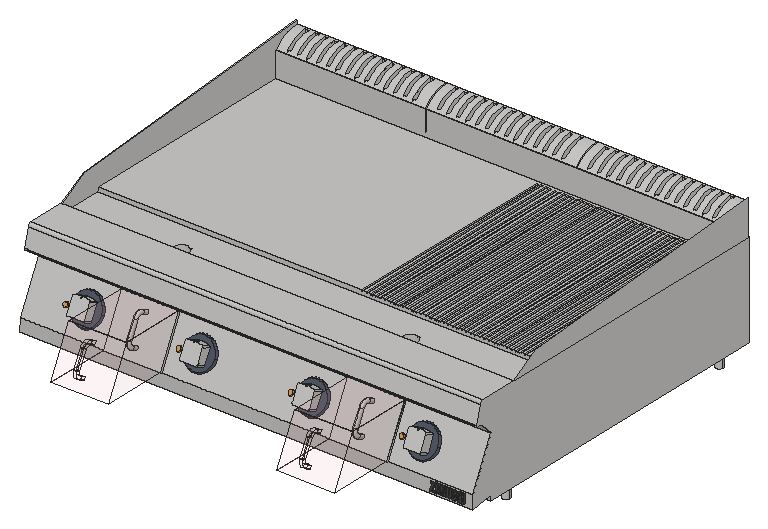
Revit family "QF_ZANUSSI_392405_Z9IIMDAOMIA", category Specialty Equipment, Revit 2018 (continued)
Automatic sketch dimensions
  Extrusion 1 sketch curve to Extrusion 1 sketch curve = 27.08 mm
  Extrusion 1 sketch curve to Extrusion 1 sketch curve = 35 mm
  Extrusion 1 sketch curve to Extrusion 1 sketch curve = 10.259 mm
  Extrusion 1 sketch curve to plane 15 = 6.474 mm
  Extrusion 2 sketch curve to plane 13 = 0 mm  (x2)
  Extrusion 2 sketch curve to plane 14 = 0 mm  (x2)
  Extrusion 2 sketch curve to plane 5 "FRONT" = 125 mm  (x2)
  plane 1 "BACK" to Extrusion 2 sketch curve = 82 mm  (x2)
  Extrusion 7 sketch curve to plane 15 = 21.588 mm
  Extrusion 7 sketch curve to plane 5 "FRONT" = 255 mm
  plane 1 "BACK" to Extrusion 7 sketch curve = 71.438 mm
  Extrusion 7 sketch curve to Extrusion 7 sketch curve = 11.294 mm
  plane 14 to Extrusion 8 sketch curve = 290.6 mm
  Extrusion 8 sketch curve to plane 5 "FRONT" = 171.264 mm
  Extrusion 9 sketch curve to plane 15 = 0 mm
  Extrusion 9 sketch curve to plane 1 "BACK" = 0 mm
  Extrusion 9 sketch curve to plane 16 = 0 mm
  plane 15 to Extrusion 9 sketch curve = 42.5 mm
  Extrusion 9 sketch curve to plane 5 "FRONT" = 211.073 mm
  Extrusion 9 sketch curve to Extrusion 9 sketch curve = 73.612 mm
  Extrusion 10 sketch curve to plane 15 = 0 mm
  Extrusion 10 sketch curve to plane 1 "BACK" = 0 mm
  plane 1 "BACK" to Extrusion 10 sketch curve = 4.947 mm
  Extrusion 10 sketch curve to plane 16 = 39 mm
  plane 1 "BACK" to Extrusion 10 sketch curve = 69.85 mm
  plane 15 to Extrusion 10 sketch curve = 4.793 mm
  plane 1 "BACK" to Extrusion 11 sketch curve = 6.761 mm  (x14)
  Extrusion 11 sketch curve to Extrusion 11 sketch curve = 57.15 mm
  Extrusion 11 sketch curve to Extrusion 11 sketch curve = 0 mm  (x13)
  plane 13 to Extrusion 11 sketch curve = 18.703 mm
  Extrusion 11 sketch curve to Extrusion 11 sketch curve = 9.296 mm  (x14)
  Extrusion 11 sketch curve to Extrusion 11 sketch curve = 16.193 mm  (x13)
  Extrusion 12 sketch curve to plane 15 = 0 mm
  Extrusion 12 sketch curve to plane 1 "BACK" = 0 mm
  plane 1 "BACK" to Extrusion 12 sketch curve = 4.947 mm
  Extrusion 12 sketch curve to plane 16 = 39 mm
  plane 1 "BACK" to Extrusion 12 sketch curve = 69.85 mm
  Extrusion 12 sketch curve to plane 16 = 8.3 mm
  plane 1 "BACK" to Extrusion 13 sketch curve = 6.761 mm  (x14)
  Extrusion 13 sketch curve to plane 7 "Center Y" = 21.274 mm
  Extrusion 13 sketch curve to Extrusion 13 sketch curve = 57.15 mm
  plane 7 "Center Y" to Extrusion 13 sketch curve = 4.214 mm
  Extrusion 13 sketch curve to Extrusion 13 sketch curve = 0 mm  (x13)
  Extrusion 13 sketch curve to Extrusion 13 sketch curve = 16.193 mm  (x12)
  Extrusion 13 sketch curve to Extrusion 13 sketch curve = 9.296 mm  (x14)
  plane 13 to Blend 14 sketch curve = 144 mm  (x2)
  plane 13 to Extrusion 15 sketch curve = 121 mm
  Extrusion 15 sketch curve to Extrusion 15 sketch curve = 2.997 mm  (x3)
  Extrusion 15 sketch curve to Extrusion 15 sketch curve = 20.003 mm  (x2)
  Extrusion 15 sketch curve to Extrusion 15 sketch curve = 40.005 mm
  Extrusion 15 sketch curve to Extrusion 15 sketch curve = 5.399 mm
  Extrusion 15 sketch curve to Extrusion 15 sketch curve = 40.037 mm
  Extrusion 15 sketch curve to Extrusion 15 sketch curve = 0 mm  (x2)
  plane 13 to Extrusion 16 sketch curve = 126.5 mm
  Extrusion 16 sketch curve to Extrusion 16 sketch curve = 35 mm  (x2)
  Extrusion 17 sketch curve to plane 5 "FRONT" = 9.329 mm
  Extrusion 17 sketch curve to plane 15 = 112.016 mm
  Extrusion 17 sketch curve to Extrusion 17 sketch curve = 3 mm
  Extrusion 17 sketch curve to Extrusion 17 sketch curve = 0 mm
  Extrusion 17 sketch curve to Extrusion 17 sketch curve = 1 mm  (x2)
  Extrusion 17 sketch curve to Extrusion 17 sketch curve = 15 mm
  plane 13 to Extrusion 18 sketch curve = 88.999 mm
  plane 14 to Blend 19 sketch curve = 141.5 mm  (x2)
  plane 14 to Extrusion 20 sketch curve = 164.5 mm
  Extrusion 20 sketch curve to Extrusion 20 sketch curve = 2.997 mm  (x3)
  Extrusion 20 sketch curve to Extrusion 20 sketch curve = 20.003 mm  (x2)
  Extrusion 20 sketch curve to Extrusion 20 sketch curve = 40.005 mm
  Extrusion 20 sketch curve to Extrusion 20 sketch curve = 5.399 mm
  Extrusion 20 sketch curve to Extrusion 20 sketch curve = 40.037 mm
  Extrusion 20 sketch curve to Extrusion 20 sketch curve = 0 mm  (x2)
  plane 14 to Extrusion 21 sketch curve = 159 mm
  Extrusion 21 sketch curve to Extrusion 21 sketch curve = 35 mm  (x2)
  Extrusion 22 sketch curve to plane 5 "FRONT" = 9.329 mm
  Extrusion 22 sketch curve to plane 15 = 112.016 mm
  Extrusion 22 sketch curve to Extrusion 22 sketch curve = 3 mm
  Extrusion 22 sketch curve to Extrusion 22 sketch curve = 0 mm
  Extrusion 22 sketch curve to Extrusion 22 sketch curve = 1 mm  (x2)
  Extrusion 22 sketch curve to Extrusion 22 sketch curve = 15 mm
  plane 14 to Extrusion 23 sketch curve = 196.501 mm
  plane 13 to Extrusion 24 sketch curve = 213 mm
  Extrusion 24 sketch curve to Extrusion 24 sketch curve = 135 mm
  Extrusion 24 sketch curve to Extrusion 24 sketch curve = 152 mm
  Sweep 25 sketch curve to plane 5 "FRONT" = 28.401 mm
  Sweep 25 sketch curve to plane 15 = 108.706 mm
  Sweep 25 sketch curve to Sweep 25 sketch curve = 10.999 mm  (x2)
  Sweep 25 sketch curve to Sweep 25 sketch curve = 46.803 mm
  Sweep 25 sketch curve to Sweep 25 sketch curve = 15.875 mm  (x2)
  Sweep 25 sketch curve to profile plane = 0 mm
  profile plane to Sweep 25 sketch curve = 4.691 mm
  plane 9 to Extrusion 26 sketch curve = 73.078 mm
  Extrusion 26 sketch curve to plane 15 = 87.017 mm
  Extrusion 26 sketch curve to Extrusion 26 sketch curve = 156.574 mm
  Extrusion 26 sketch curve to Extrusion 26 sketch curve = 57.244 mm
  Extrusion 26 sketch curve to Extrusion 26 sketch curve = 135 mm  (x2)
  Extrusion 27 sketch curve to Extrusion 27 sketch curve = 0 mm  (x6)
  plane 9 to Extrusion 27 sketch curve = 23.322 mm
  Extrusion 27 sketch curve to plane 15 = 105.731 mm
  Extrusion 27 sketch curve to Extrusion 27 sketch curve = 9.4 mm  (x2)
  Extrusion 27 sketch curve to Extrusion 27 sketch curve = 10.485 mm  (x2)
  Extrusion 27 sketch curve to Extrusion 27 sketch curve = 16.355 mm  (x2)
  Extrusion 27 sketch curve to Extrusion 27 sketch curve = 47.769 mm
  Extrusion 27 sketch curve to Extrusion 27 sketch curve = 0.014 mm
  Extrusion 27 sketch curve to Extrusion 27 sketch curve = 9.369 mm
  Extrusion 27 sketch curve to Extrusion 27 sketch curve = 0.044 mm
  Extrusion 28 sketch curve to plane 15 = 0 mm
  Extrusion 28 sketch curve to plane 1 "BACK" = 0 mm
  plane 1 "BACK" to Extrusion 28 sketch curve = 4.947 mm
  Extrusion 28 sketch curve to plane 16 = 39 mm
  plane 1 "BACK" to Extrusion 28 sketch curve = 69.85 mm
  Extrusion 28 sketch curve to plane 16 = 8.3 mm
  plane 1 "BACK" to Extrusion 29 sketch curve = 6.761 mm  (x14)
  Extrusion 29 sketch curve to Extrusion 29 sketch curve = 57.15 mm
  Extrusion 29 sketch curve to Extrusion 29 sketch curve = 0 mm  (x13)
  plane 7 "Center Y" to Extrusion 29 sketch curve = 225.796 mm
  Extrusion 29 sketch curve to Extrusion 29 sketch curve = 9.296 mm  (x14)
  Extrusion 29 sketch curve to Extrusion 29 sketch curve = 16.193 mm  (x13)
  plane 7 "Center Y" to Extrusion 31 sketch curve = 224 mm
  Extrusion 31 sketch curve to Extrusion 31 sketch curve = 135 mm
  Extrusion 31 sketch curve to Extrusion 31 sketch curve = 152 mm
  Sweep 32 sketch curve to plane 5 "FRONT" = 28.401 mm
  Sweep 32 sketch curve to plane 15 = 108.706 mm
  Sweep 32 sketch curve to Sweep 32 sketch curve = 10.999 mm  (x2)
  Sweep 32 sketch curve to Sweep 32 sketch curve = 46.803 mm
  Sweep 32 sketch curve to Sweep 32 sketch curve = 15.875 mm  (x2)
  Sweep 32 sketch curve to profile plane = 0 mm
  profile plane to Sweep 32 sketch curve = 4.691 mm
  Blend 33 sketch curve to plane 7 "Center Y" = 145 mm  (x2)
  Extrusion 34 sketch curve to plane 7 "Center Y" = 168 mm
  Extrusion 34 sketch curve to Extrusion 34 sketch curve = 2.997 mm  (x3)
  Extrusion 34 sketch curve to Extrusion 34 sketch curve = 20.003 mm  (x2)
  Extrusion 34 sketch curve to Extrusion 34 sketch curve = 40.005 mm
  Extrusion 34 sketch curve to Extrusion 34 sketch curve = 5.399 mm
  Extrusion 34 sketch curve to Extrusion 34 sketch curve = 40.037 mm
  Extrusion 34 sketch curve to Extrusion 34 sketch curve = 0 mm  (x2)
  Extrusion 35 sketch curve to plane 7 "Center Y" = 162.5 mm
  Extrusion 35 sketch curve to Extrusion 35 sketch curve = 35 mm  (x2)
  Extrusion 36 sketch curve to plane 5 "FRONT" = 9.329 mm
  Extrusion 36 sketch curve to plane 15 = 112.016 mm
  Extrusion 36 sketch curve to Extrusion 36 sketch curve = 3 mm
  Extrusion 36 sketch curve to Extrusion 36 sketch curve = 0 mm
  Extrusion 36 sketch curve to Extrusion 36 sketch curve = 1 mm  (x2)
  Extrusion 36 sketch curve to Extrusion 36 sketch curve = 15 mm
  Extrusion 37 sketch curve to plane 7 "Center Y" = 200.001 mm
  plane 7 "Center Y" to Blend 38 sketch curve = 152.5 mm  (x2)
  plane 7 "Center Y" to Extrusion 39 sketch curve = 129.5 mm
  Extrusion 39 sketch curve to Extrusion 39 sketch curve = 2.997 mm  (x3)
  Extrusion 39 sketch curve to Extrusion 39 sketch curve = 20.003 mm  (x2)
  Extrusion 39 sketch curve to Extrusion 39 sketch curve = 40.005 mm
  Extrusion 39 sketch curve to Extrusion 39 sketch curve = 5.399 mm
  Extrusion 39 sketch curve to Extrusion 39 sketch curve = 40.037 mm
  Extrusion 39 sketch curve to Extrusion 39 sketch curve = 0 mm  (x2)
  plane 7 "Center Y" to Extrusion 40 sketch curve = 135 mm
  Extrusion 40 sketch curve to Extrusion 40 sketch curve = 35 mm  (x2)
  Extrusion 41 sketch curve to plane 5 "FRONT" = 9.329 mm
  Extrusion 41 sketch curve to plane 15 = 112.016 mm
  Extrusion 41 sketch curve to Extrusion 41 sketch curve = 3 mm
  Extrusion 41 sketch curve to Extrusion 41 sketch curve = 0 mm
  Extrusion 41 sketch curve to Extrusion 41 sketch curve = 1 mm  (x2)
  Extrusion 41 sketch curve to Extrusion 41 sketch curve = 15 mm
  plane 7 "Center Y" to Extrusion 42 sketch curve = 97.499 mm
  plane 9 to Extrusion 43 sketch curve = 73.078 mm
  Extrusion 43 sketch curve to plane 15 = 87.017 mm
  Extrusion 43 sketch curve to Extrusion 43 sketch curve = 156.574 mm
  Extrusion 43 sketch curve to Extrusion 43 sketch curve = 57.244 mm
  Extrusion 43 sketch curve to Extrusion 43 sketch curve = 135 mm  (x2)
  Extrusion 44 sketch curve to Extrusion 44 sketch curve = 0 mm  (x6)
  plane 9 to Extrusion 44 sketch curve = 23.322 mm
  Extrusion 44 sketch curve to plane 15 = 105.731 mm
  Extrusion 44 sketch curve to Extrusion 44 sketch curve = 9.4 mm  (x2)
  Extrusion 44 sketch curve to Extrusion 44 sketch curve = 10.485 mm  (x2)
  Extrusion 44 sketch curve to Extrusion 44 sketch curve = 16.355 mm  (x2)
  Extrusion 44 sketch curve to Extrusion 44 sketch curve = 47.769 mm
  Extrusion 44 sketch curve to Extrusion 44 sketch curve = 0.014 mm
  Extrusion 44 sketch curve to Extrusion 44 sketch curve = 9.369 mm
  Extrusion 44 sketch curve to Extrusion 44 sketch curve = 0.044 mm
  plane 13 to Extrusion 45 sketch curve = 280.6 mm
  Extrusion 45 sketch curve to plane 5 "FRONT" = 171.264 mm
  Extrusion 46 sketch curve to plane 15 = 0 mm
  Extrusion 46 sketch curve to plane 1 "BACK" = 0 mm
  Extrusion 46 sketch curve to plane 16 = 0 mm
  plane 15 to Extrusion 46 sketch curve = 42.5 mm
  Extrusion 46 sketch curve to plane 5 "FRONT" = 211.073 mm
  Extrusion 46 sketch curve to Extrusion 46 sketch curve = 73.612 mm
  Extrusion 47 sketch curve to plane 15 = 12.294 mm  (x7)
  Extrusion 47 sketch curve to Extrusion 47 sketch curve = 0 mm  (x34)
  plane 14 to Extrusion 47 sketch curve = 0.53 mm
  Extrusion 47 sketch curve to Extrusion 47 sketch curve = 2 mm  (x41)
  plane 14 to Extrusion 47 sketch curve = 0.13 mm
  Extrusion 47 sketch curve to Extrusion 47 sketch curve = 5.2 mm  (x41)
  Extrusion 47 sketch curve to Extrusion 47 sketch curve = 0.4 mm  (x81)
  Extrusion 47 sketch curve to Extrusion 47 sketch curve = 6 mm  (x40)
  plane 5 "FRONT" to curve 3 = 0 mm
  curve 127 to plane 3 "LEFT" = 0 mm
  plane 1 "BACK" to curve 8 = 0 mm
  plane 5 "FRONT" to curve 160 = 0 mm
  curve 226 to plane 9 = 0 mm
  curve 126 to plane 7 "Center Y" = 0 mm
  curve 233 to plane 9 = 0 mm
  plane 5 "FRONT" to curve 161 = 0 mm
  curve 127 to plane 4 "RIGHT" = 0 mm
  curve 2 to plane 3 "LEFT" = 150 mm
  plane 3 "LEFT" to curve 8 = 1.588 mm
  plane 13 to curve 13 = 18.703 mm
  curve 12 to curve 11 = 9.296 mm
  plane 1 "BACK" to curve 16 = 6.761 mm
  curve 11 to curve 16 = 16.193 mm
  curve 15 to curve 17 = 9.296 mm
  plane 1 "BACK" to curve 21 = 6.761 mm
  curve 16 to curve 21 = 16.193 mm
  curve 20 to curve 19 = 9.296 mm
  plane 1 "BACK" to curve 26 = 6.761 mm
  curve 19 to curve 26 = 16.193 mm
  curve 24 to curve 23 = 9.296 mm
  plane 1 "BACK" to curve 30 = 6.761 mm
  curve 23 to curve 30 = 16.193 mm
  plane 5 "FRONT" to curve 128 = 9.347 mm
  plane 13 to curve 128 = 121 mm
  curve 128 to curve 129 = 0.809 mm
  curve 132 to curve 132 = 1.583 mm
  curve 129 to curve 130 = 1.846 mm
  curve 129 to curve 143 = 2.189 mm
  curve 29 to curve 27 = 9.296 mm
  curve 128 to curve 131 = 11.892 mm
  curve 135 to plane 5 "FRONT" = 9.329 mm
  curve 132 to curve 135 = 20.417 mm
  plane 9 to curve 133 = 32.481 mm
  plane 13 to curve 133 = 143.131 mm
  curve 133 to curve 142 = 1.738 mm
  curve 134 to curve 135 = 2 mm
  curve 27 to curve 33 = 16.193 mm
  curve 131 to curve 140 = 22.215 mm
  curve 32 to curve 32 = 9.296 mm
  curve 135 to curve 143 = 19.003 mm
  curve 143 to curve 139 = 0.343 mm
  curve 139 to curve 141 = 1.071 mm
  curve 143 to curve 138 = 2.189 mm
  curve 138 to curve 137 = 0.809 mm
  curve 31 to curve 36 = 16.193 mm
  curve 37 to curve 35 = 9.296 mm
  curve 35 to curve 42 = 16.193 mm
  curve 39 to curve 42 = 9.296 mm
  plane 9 to curve 224 = 13.033 mm
  curve 142 to curve 224 = 68.131 mm
  plane 1 "BACK" to curve 63 = 6.761 mm
  curve 40 to curve 63 = 16.143 mm
  curve 63 to curve 66 = 9.296 mm
  curve 64 to curve 60 = 16.193 mm
  curve 59 to curve 61 = 9.296 mm
  curve 60 to curve 56 = 16.193 mm
  curve 140 to curve 270 = 125.492 mm
  curve 55 to curve 57 = 9.296 mm
  curve 224 to curve 226 = 69.848 mm
  curve 225 to curve 229 = 9.39 mm
  plane 1 "BACK" to curve 51 = 6.761 mm
  curve 57 to curve 51 = 16.193 mm
  curve 51 to curve 53 = 9.296 mm
  curve 52 to curve 49 = 16.193 mm
  curve 48 to curve 48 = 9.296 mm
  curve 47 to curve 43 = 16.193 mm
  curve 43 to curve 45 = 9.296 mm
  plane 9 to curve 229 = 13.033 mm
  curve 228 to curve 229 = 73.133 mm
  plane 1 "BACK" to curve 104 = 6.761 mm
  curve 45 to curve 104 = 55.499 mm
  plane 5 "FRONT" to curve 238 = 9.347 mm
  curve 230 to curve 238 = 55.63 mm
  curve 238 to curve 239 = 0.809 mm
  curve 242 to curve 242 = 1.583 mm
  curve 239 to curve 240 = 1.846 mm
  curve 239 to curve 253 = 2.189 mm
  curve 102 to curve 101 = 9.296 mm
  curve 238 to curve 241 = 11.892 mm
  curve 101 to curve 108 = 16.193 mm
  curve 244 to plane 5 "FRONT" = 9.329 mm
  curve 242 to curve 244 = 20.417 mm
  curve 229 to curve 243 = 77.761 mm
  curve 243 to curve 252 = 1.738 mm
  curve 244 to curve 245 = 2 mm
  curve 105 to curve 108 = 9.296 mm
  curve 241 to curve 250 = 22.215 mm
  curve 245 to curve 253 = 19.003 mm
  curve 249 to curve 249 = 0.343 mm
  curve 249 to curve 251 = 1.071 mm
  plane 1 "BACK" to curve 111 = 6.761 mm
  curve 106 to curve 111 = 16.193 mm
  curve 249 to curve 248 = 2.189 mm
  curve 248 to curve 247 = 0.809 mm
  curve 111 to curve 109 = 9.296 mm
  plane 1 "BACK" to curve 115 = 6.761 mm
  curve 109 to curve 115 = 16.193 mm
  curve 115 to curve 116 = 9.296 mm
  curve 251 to curve 160 = 47 mm
  curve 113 to curve 118 = 16.193 mm
  curve 118 to curve 118 = 9.296 mm
  curve 117 to curve 122 = 16.193 mm
  curve 123 to curve 121 = 9.296 mm
  plane 1 "BACK" to curve 99 = 6.761 mm
  curve 121 to curve 99 = 16.143 mm
  curve 99 to curve 97 = 9.296 mm
  plane 7 "Center Y" to curve 93 = 4.164 mm
  curve 93 to curve 94 = 9.296 mm
  curve 94 to curve 90 = 16.193 mm
  curve 89 to curve 91 = 9.296 mm
  curve 90 to curve 86 = 16.193 mm
  curve 85 to curve 87 = 9.296 mm
  plane 1 "BACK" to curve 81 = 6.761 mm
  curve 87 to curve 81 = 16.193 mm
  curve 81 to curve 83 = 9.296 mm
  curve 82 to curve 77 = 16.193 mm
  curve 77 to curve 80 = 9.296 mm
  plane 5 "FRONT" to curve 254 = 9.347 mm
  plane 7 "Center Y" to curve 254 = 129.5 mm
  curve 254 to curve 255 = 0.809 mm
  curve 258 to curve 258 = 1.583 mm
  plane 1 "BACK" to curve 74 = 6.761 mm
  curve 79 to curve 74 = 16.193 mm
  curve 255 to curve 256 = 1.846 mm
  curve 255 to curve 269 = 2.189 mm
  curve 74 to curve 73 = 9.296 mm
  curve 254 to curve 257 = 11.892 mm
  curve 256 to curve 163 = 12.846 mm
  curve 163 to curve 261 = 6.5 mm
  plane 9 to curve 259 = 32.481 mm
  curve 256 to curve 259 = 19.134 mm
  curve 259 to curve 268 = 1.738 mm
  curve 260 to curve 262 = 2 mm
  plane 1 "BACK" to curve 72 = 6.761 mm
  curve 73 to curve 72 = 16.193 mm
  curve 257 to curve 266 = 22.215 mm
  curve 69 to curve 71 = 9.296 mm
  curve 261 to curve 269 = 19.003 mm
  curve 265 to curve 265 = 0.343 mm
  curve 265 to curve 267 = 1.071 mm
  curve 265 to curve 264 = 2.189 mm
  curve 264 to curve 263 = 0.809 mm
  plane 9 to curve 231 = 13.033 mm
  curve 268 to curve 231 = 70.631 mm
  curve 70 to curve 201 = 59.406 mm
  curve 200 to curve 199 = 9.296 mm
  plane 1 "BACK" to curve 204 = 6.761 mm
  curve 199 to curve 204 = 16.193 mm
  curve 203 to curve 205 = 9.296 mm
  plane 1 "BACK" to curve 210 = 6.761 mm
  curve 204 to curve 210 = 16.193 mm
  curve 208 to curve 207 = 9.296 mm
  curve 231 to curve 233 = 69.848 mm
  curve 266 to curve 67 = 134.792 mm
  curve 207 to curve 213 = 16.193 mm
  curve 232 to curve 235 = 9.39 mm
  curve 213 to curve 211 = 9.296 mm
  plane 1 "BACK" to curve 218 = 6.761 mm
  curve 211 to curve 218 = 16.193 mm
  curve 217 to curve 218 = 9.296 mm
  plane 1 "BACK" to curve 221 = 6.761 mm
  curve 215 to curve 221 = 16.193 mm
  curve 220 to curve 220 = 9.296 mm
  plane 9 to curve 236 = 13.033 mm
  curve 235 to curve 236 = 73.133 mm
  curve 219 to curve 198 = 16.143 mm
  curve 197 to curve 195 = 9.296 mm
  curve 195 to curve 191 = 16.193 mm
  curve 191 to curve 193 = 9.296 mm
  plane 5 "FRONT" to curve 153 = 9.347 mm
  curve 237 to curve 153 = 48.13 mm
  curve 153 to curve 154 = 0.809 mm
  curve 157 to curve 157 = 1.583 mm
  curve 154 to curve 155 = 1.846 mm
  curve 154 to curve 159 = 2.189 mm
  curve 192 to curve 188 = 16.193 mm
  curve 153 to curve 156 = 11.892 mm
  curve 187 to curve 189 = 9.296 mm
  curve 152 to plane 5 "FRONT" = 9.329 mm
  curve 157 to curve 152 = 20.417 mm
  curve 236 to curve 158 = 70.261 mm
  curve 158 to curve 149 = 1.738 mm
  curve 151 to curve 151 = 2 mm
  plane 1 "BACK" to curve 183 = 6.761 mm
  curve 189 to curve 183 = 16.193 mm
  curve 156 to curve 147 = 22.215 mm
  curve 183 to curve 184 = 9.296 mm
  curve 150 to curve 159 = 19.003 mm
  curve 159 to curve 146 = 0.343 mm
  curve 146 to curve 148 = 1.071 mm
  curve 159 to curve 145 = 2.189 mm
  curve 145 to curve 144 = 0.809 mm
  plane 1 "BACK" to curve 179 = 6.761 mm
  curve 185 to curve 179 = 16.193 mm
  curve 179 to curve 181 = 9.296 mm
  plane 1 "BACK" to curve 175 = 6.761 mm
  curve 181 to curve 175 = 16.193 mm
  curve 175 to curve 176 = 9.296 mm
  plane 1 "BACK" to curve 173 = 6.761 mm
  curve 177 to curve 173 = 16.193 mm
  curve 172 to curve 172 = 9.296 mm
  plane 1 "BACK" to curve 170 = 6.761 mm
  curve 171 to curve 170 = 16.193 mm
  curve 167 to curve 169 = 9.296 mm
  plane 4 "RIGHT" to curve 7 = 1.588 mm
  curve 2 to plane 4 "RIGHT" = 150 mm
  plane 9 to curve 158 = 32.481 mm
  curve 158 to curve 149 = 0 mm
  curve 259 to curve 268 = 0 mm
  curve 133 to curve 142 = 0 mm
  plane 9 to curve 252 = 32.481 mm
  curve 243 to curve 252 = 0 mm
  plane 5 "FRONT" to curve 269 = 10.68 mm
  plane 5 "FRONT" to curve 159 = 10.68 mm
  curve 143 to curve 129 = 1.333 mm
  plane 5 "FRONT" to curve 253 = 10.68 mm
  curve 143 to curve 138 = 1.333 mm
  curve 265 to curve 263 = 1.333 mm
  curve 159 to curve 144 = 1.333 mm
  curve 249 to curve 248 = 1.333 mm
  curve 154 to curve 155 = 2.779 mm
  curve 248 to curve 249 = 2.779 mm
  curve 129 to curve 130 = 2.779 mm
  curve 255 to curve 256 = 2.779 mm
  curve 264 to curve 265 = 2.779 mm
  curve 138 to curve 139 = 2.779 mm
  curve 239 to curve 240 = 2.779 mm
  curve 145 to curve 146 = 2.779 mm
  curve 132 to plane 5 "FRONT" = 7.894 mm
  curve 157 to plane 5 "FRONT" = 7.894 mm
  curve 141 to plane 5 "FRONT" = 7.894 mm
  curve 258 to plane 5 "FRONT" = 7.894 mm
  curve 251 to plane 5 "FRONT" = 7.894 mm
  curve 242 to plane 5 "FRONT" = 7.894 mm
  curve 148 to plane 5 "FRONT" = 7.894 mm
  curve 267 to plane 5 "FRONT" = 7.894 mm
  curve 261 to plane 5 "FRONT" = 9.329 mm
  curve 244 to curve 241 = 41.91 mm
  curve 261 to curve 266 = 41.91 mm
  curve 135 to curve 140 = 41.91 mm
  curve 150 to curve 147 = 41.91 mm
  curve 257 to curve 266 = 0 mm
  curve 241 to curve 250 = 0 mm
  curve 156 to curve 147 = 0 mm
  curve 131 to curve 140 = 0 mm
  curve 7 to plane 5 "FRONT" = 137.461 mm
  curve 270 to plane 5 "FRONT" = 171.264 mm
  curve 68 to plane 5 "FRONT" = 171.264 mm
  curve 108 to curve 111 = 57.15 mm
  plane 1 "BACK" to curve 45 = 63.911 mm
  curve 107 to curve 109 = 0 mm
  curve 103 to curve 105 = 0 mm
  curve 109 to curve 113 = 0 mm
  curve 42 to curve 63 = 57.15 mm
  curve 100 to curve 97 = 57.15 mm
  curve 47 to curve 43 = 0 mm
  curve 37 to curve 39 = 0 mm
  curve 97 to curve 95 = 0 mm
  curve 171 to curve 167 = 0 mm
  curve 113 to curve 117 = 0 mm
  curve 94 to curve 91 = 0 mm
  curve 176 to curve 173 = 0 mm
  curve 179 to curve 175 = 0 mm
  curve 90 to curve 87 = 0 mm
  curve 183 to curve 179 = 0 mm
  curve 51 to curve 49 = 0 mm
  curve 86 to curve 83 = 0 mm
  curve 41 to curve 60 = 0 mm
  curve 187 to curve 183 = 0 mm
  curve 121 to curve 99 = 0 mm
  curve 191 to curve 187 = 0 mm
  curve 82 to curve 79 = 0 mm
  curve 195 to curve 191 = 0 mm
  curve 78 to curve 76 = 0 mm
  curve 199 to curve 203 = 0 mm
  curve 205 to curve 207 = 0 mm
  curve 11 to curve 15 = 0 mm
  curve 207 to curve 211 = 0 mm
  curve 73 to curve 71 = 0 mm
  curve 211 to curve 215 = 0 mm
  curve 60 to curve 55 = 0 mm
  curve 65 to curve 59 = 0 mm
  curve 219 to curve 197 = 0 mm
  curve 33 to curve 36 = 0 mm
  curve 17 to curve 19 = 0 mm
  curve 29 to curve 32 = 0 mm
  curve 23 to curve 28 = 0 mm
  plane 1 "BACK" to curve 31 = 6.761 mm
  plane 1 "BACK" to curve 61 = 6.761 mm
  plane 1 "BACK" to curve 214 = 6.761 mm
  plane 1 "BACK" to curve 14 = 6.761 mm
  plane 1 "BACK" to curve 202 = 6.761 mm
  plane 1 "BACK" to curve 197 = 6.761 mm
  plane 1 "BACK" to curve 194 = 6.761 mm
  plane 1 "BACK" to curve 190 = 6.761 mm
  plane 1 "BACK" to curve 35 = 6.761 mm
  plane 1 "BACK" to curve 39 = 6.761 mm
  plane 1 "BACK" to curve 43 = 6.761 mm
  plane 1 "BACK" to curve 47 = 6.761 mm
  plane 1 "BACK" to curve 55 = 6.761 mm
  plane 1 "BACK" to curve 124 = 6.761 mm
  plane 1 "BACK" to curve 120 = 6.761 mm
  plane 1 "BACK" to curve 107 = 6.761 mm
  plane 1 "BACK" to curve 96 = 6.761 mm
  plane 1 "BACK" to curve 92 = 6.761 mm
  plane 1 "BACK" to curve 88 = 6.761 mm
  plane 1 "BACK" to curve 80 = 6.761 mm
  curve 2 to plane 1 "BACK" = 100 mm
  curve 131 to curve 128 = 9.809 mm
  curve 133 to curve 132 = 0.284 mm
  curve 141 to curve 141 = 0.284 mm
  curve 137 to curve 140 = 9.809 mm
  curve 271 to curve 270 = 20 mm
  curve 241 to curve 238 = 9.809 mm
  curve 242 to curve 242 = 0.284 mm
  curve 251 to curve 251 = 0.284 mm
  curve 247 to curve 250 = 9.809 mm
  plane 7 "Center Y" to curve 273 = 105.87 mm
  curve 273 to curve 274 = 12 mm
  curve 257 to curve 254 = 9.809 mm
  curve 274 to curve 275 = 12 mm
  curve 259 to curve 258 = 0.284 mm
  curve 275 to curve 276 = 12 mm
  curve 276 to curve 277 = 12 mm
  curve 277 to curve 278 = 12 mm
  curve 267 to curve 268 = 0.284 mm
  curve 278 to curve 279 = 12 mm
  curve 263 to curve 266 = 9.809 mm
  curve 279 to curve 280 = 12 mm
  curve 280 to curve 281 = 12 mm
  curve 281 to curve 282 = 12 mm
  curve 282 to curve 283 = 12 mm
  curve 283 to curve 284 = 12 mm
  curve 284 to curve 285 = 12 mm
  curve 285 to curve 286 = 12 mm
  curve 286 to curve 287 = 12 mm
  curve 68 to curve 67 = 20 mm
  curve 287 to curve 288 = 12 mm
  curve 288 to curve 289 = 12 mm
  curve 289 to curve 290 = 12 mm
  curve 290 to curve 291 = 12 mm
  curve 291 to curve 292 = 12 mm
  curve 292 to curve 293 = 12 mm
  curve 293 to curve 294 = 12 mm
  curve 294 to curve 295 = 12 mm
  curve 295 to curve 296 = 12 mm
  curve 296 to curve 297 = 12 mm
  curve 223 to curve 191 = 4.164 mm
  curve 297 to curve 298 = 12 mm
  curve 156 to curve 153 = 9.809 mm
  curve 298 to curve 299 = 12 mm
  curve 158 to curve 157 = 0.284 mm
  curve 299 to curve 300 = 12 mm
  curve 300 to curve 301 = 12 mm
  curve 301 to curve 302 = 12 mm
  curve 302 to curve 303 = 12 mm
  curve 148 to curve 149 = 0.284 mm
  curve 303 to curve 304 = 12 mm
  curve 144 to curve 147 = 9.809 mm
  curve 304 to curve 305 = 12 mm
  curve 305 to curve 306 = 12 mm
  curve 306 to curve 307 = 12 mm
  curve 307 to curve 308 = 12 mm
  curve 308 to curve 309 = 12 mm
  curve 309 to curve 310 = 12 mm
  curve 310 to curve 311 = 12 mm
  curve 311 to curve 312 = 12 mm
  plane 14 to curve 313 = 3.13 mm
  curve 267 to curve 267 = 0.567 mm
  curve 242 to curve 242 = 0.567 mm
  curve 148 to curve 148 = 0.567 mm
  curve 251 to curve 251 = 0.567 mm
  curve 141 to curve 141 = 0.567 mm
  curve 258 to curve 258 = 0.567 mm
  curve 157 to curve 157 = 0.567 mm
  curve 132 to curve 132 = 0.567 mm
  curve 142 to curve 140 = 1.156 mm
  curve 67 to curve 286 = 83.736 mm
  curve 313 to curve 168 = 7.527 mm
  curve 290 to curve 211 = 7.527 mm
  curve 273 to curve 77 = 7.527 mm
  curve 9 to curve 12 = 7.527 mm
  curve 9 to curve 125 = 1.588 mm
  plane 3 "LEFT" to Extrusion 3 sketch curve = 1.588 mm
  plane 1 "BACK" to Extrusion 3 sketch curve = 69.85 mm
  Extrusion 3 sketch curve to Extrusion 3 sketch curve = 1.588 mm
  plane 4 "RIGHT" to Extrusion 3 sketch curve = 1.588 mm
  plane 4 "RIGHT" to Extrusion 4 sketch curve = 1.588 mm
  plane 1 "BACK" to Extrusion 4 sketch curve = 71.438 mm
  plane 3 "LEFT" to Extrusion 4 sketch curve = 1.588 mm
  Extrusion 4 sketch curve to plane 5 "FRONT" = 137.461 mm
  plane 14 to Extrusion 5 sketch curve = 45 mm
  Extrusion 5 sketch curve to plane 8 "Center X" = 196.5 mm
  plane 5 "FRONT" to Extrusion 6 sketch curve = 0 mm  (x2)
  Extrusion 6 sketch curve to plane 3 "LEFT" = 0 mm
  Extrusion 6 sketch curve to plane 4 "RIGHT" = 0 mm
  plane 1 "BACK" to Extrusion 6 sketch curve = 0 mm
  Extrusion 6 sketch curve to plane 3 "LEFT" = 150 mm
  Extrusion 6 sketch curve to plane 4 "RIGHT" = 150 mm
  Extrusion 6 sketch curve to plane 1 "BACK" = 100 mm
  Extrusion 1 to Extrusion 30 sketch curve = 41 mm
  Extrusion 1 to Extrusion 30 sketch curve = 47 mm
  radius of Extrusion 2 sketch curve = 9.525 mm  (x4)
  radius of Extrusion 8 sketch curve = 20 mm
  radius of Blend 14 sketch curve = 42.5 mm
  radius of Blend 14 sketch curve = 40.5 mm
  radius of Split face 1 sketch curve = 1.5 mm
  radius of Split face 2 sketch curve = 1.5 mm
  radius of Split face 3 sketch curve = 1.5 mm
  radius of Split face 4 sketch curve = 1.5 mm
  radius of Split face 5 sketch curve = 1.5 mm
  radius of Split face 6 sketch curve = 1.5 mm
  radius of Split face 7 sketch curve = 1.5 mm
  radius of Split face 8 sketch curve = 1.5 mm
  radius of Split face 9 sketch curve = 1.5 mm
  radius of Extrusion 18 sketch curve = 6 mm
  radius of Blend 19 sketch curve = 42.5 mm
  radius of Blend 19 sketch curve = 40.5 mm
  radius of Extrusion 23 sketch curve = 6 mm
  radius of Sweep 25 sketch curve = 4.691 mm
  radius of Sweep 32 sketch curve = 4.691 mm
  radius of Blend 33 sketch curve = 42.5 mm
  radius of Blend 33 sketch curve = 40.5 mm
  radius of Split face 10 sketch curve = 1.5 mm
  radius of Split face 11 sketch curve = 1.5 mm
  radius of Split face 12 sketch curve = 1.5 mm
  radius of Split face 13 sketch curve = 1.5 mm
  radius of Split face 14 sketch curve = 1.5 mm
  radius of Split face 15 sketch curve = 1.5 mm
  radius of Split face 16 sketch curve = 1.5 mm
  radius of Split face 17 sketch curve = 1.5 mm
  radius of Split face 18 sketch curve = 1.5 mm
  radius of Extrusion 37 sketch curve = 6 mm
  radius of Blend 38 sketch curve = 42.5 mm
  radius of Blend 38 sketch curve = 40.5 mm
  radius of Extrusion 42 sketch curve = 6 mm
  radius of Extrusion 45 sketch curve = 20 mm
  radius of Extrusion 5 sketch curve = 6.35 mm  (x2)
  radius of Extrusion 30 sketch curve = 6.5 mm
Nested families
  nested 1: "ZAN_Logo_S" at (1133.976, -915, 673.49) x (1, 0, 0) z (0, -1, 0), type "ZAN_Logo_S"
Connectors
  electrical at (1144, -50, 645)
    settings: on Extrusion 5, index 1, voltage 400 V, apparent load 15000 VA, apparent load phase1 0 VA, apparent load phase2 0 VA, apparent load phase3 0 VA, power factor 1, load classification "Other", number of poles 1, system type 30, power factor state 1, is connector primary yes, connector utility no, sub classification motor no, connector description "ELECTRICAL CONNECTION"
  electrical at (1153, 10, 691)
    settings: on Extrusion 30, index 2, voltage 0 V, apparent load 0 VA, apparent load phase1 0 VA, apparent load phase2 0 VA, apparent load phase3 0 VA, power factor 1, load classification "Altro", number of poles 1, system type 30, power factor state 1, is connector primary no, connector utility no, sub classification motor no, connector description "ELECTRICAL CONNECTION"
  electrical at (1144, -654, 645)
    settings: on Extrusion 5, index 3, voltage 0 V, apparent load 0 VA, apparent load phase1 0 VA, apparent load phase2 0 VA, apparent load phase3 0 VA, power factor 1, load classification "Altro", number of poles 1, system type 30, power factor state 1, is connector primary no, connector utility no, sub classification motor no, connector description "ELECTRICAL CONNECTION"
Definition of nested family "ZAN_Logo_S"
  Parameters (values of type "ZAN_Logo_S")
    materiale [instance] = none
    Default Elevation = 0 mm
  Reference planes
    plane 1 "Centro (Fronte/Retro)": y = 0
    plane 2: z = 0
    plane 3 "Centro (Sinistra/Destra)": x = 0
    plane 4: x = 60.13
  Forms (mm)
    Extrusion 1, solid
      sketch origin (0, 0, 0) x (1, 0, 0) y (0, 1, 0)
        loop
          line (-1219.2, 1219.2) -> (-1219.2, -1219.2) -> (1219.2, -1219.2) -> (1219.2, 1219.2) -> (-1219.2, 1219.2)
      from 0 to -304.8
    Extrusion 2, solid, material <- "materiale"
      sketch origin (17.793, -46.218, 0) x (-1, 0, 0) y (0, -1, 0)
        loop
          spline (-4.176, -58.079) -> (-3.496, -58.328) -> (-2.793, -58.512) -> (-2.075, -58.63) -> (-1.348, -58.682) -> (-0.619, -58.669) -> (0.106, -58.588) -> (0.818, -58.44) -> (1.512, -58.225) -> (2.18, -57.941) -> (2.817, -57.589) -> (3.414, -57.167) -> (3.966, -56.676)
          spline (3.966, -56.676) -> (4.293, -56.162) -> (4.575, -55.61) -> (4.81, -55.026) -> (5, -54.419) -> (5.146, -53.797) -> (5.247, -53.166) -> (5.304, -52.536) -> (5.318, -51.913) -> (5.288, -51.306) -> (5.217, -50.723) -> (5.103, -50.17) -> (4.949, -49.657)
          line (4.949, -49.657) -> (2.702, -46.428) -> (0.316, -44.323)
          spline (0.316, -44.323) -> (0.065, -44.115) -> (-0.195, -43.909) -> (-0.46, -43.704) -> (-0.729, -43.496) -> (-0.997, -43.282) -> (-1.263, -43.059) -> (-1.523, -42.825) -> (-1.774, -42.576) -> (-2.013, -42.309) -> (-2.238, -42.022) -> (-2.445, -41.712) -> (-2.632, -41.375)
          spline (-2.632, -41.375) -> (-2.666, -41.159) -> (-2.697, -40.934) -> (-2.722, -40.701) -> (-2.736, -40.465) -> (-2.736, -40.227) -> (-2.72, -39.989) -> (-2.682, -39.754) -> (-2.621, -39.524) -> (-2.533, -39.302) -> (-2.414, -39.091) -> (-2.261, -38.892) -> (-2.07, -38.708)
          line (-2.07, -38.708) -> (-0.245, -38.567)
          spline (-0.245, -38.567) -> (0.096, -38.8) -> (0.354, -39.074) -> (0.54, -39.381) -> (0.664, -39.716) -> (0.738, -40.073) -> (0.772, -40.445) -> (0.777, -40.825) -> (0.763, -41.208) -> (0.742, -41.588) -> (0.723, -41.957) -> (0.718, -42.309) -> (0.737, -42.638)
          line (0.737, -42.638) -> (5.65, -42.638)
          spline (5.65, -42.638) -> (5.708, -42.042) -> (5.741, -41.448) -> (5.747, -40.857) -> (5.723, -40.273) -> (5.668, -39.696) -> (5.58, -39.129) -> (5.457, -38.574) -> (5.297, -38.032) -> (5.098, -37.506) -> (4.857, -36.997) -> (4.574, -36.508) -> (4.247, -36.041)
          spline (4.247, -36.041) -> (3.844, -35.675) -> (3.409, -35.35) -> (2.946, -35.065) -> (2.458, -34.819) -> (1.949, -34.612) -> (1.421, -34.444) -> (0.88, -34.314) -> (0.326, -34.221) -> (-0.234, -34.165) -> (-0.8, -34.146) -> (-1.366, -34.163) -> (-1.93, -34.216)
          spline (-1.93, -34.216) -> (-2.526, -34.309) -> (-3.116, -34.448) -> (-3.695, -34.633) -> (-4.259, -34.861) -> (-4.801, -35.131) -> (-5.316, -35.444) -> (-5.799, -35.798) -> (-6.245, -36.191) -> (-6.648, -36.624) -> (-7.002, -37.095) -> (-7.303, -37.603) -> (-7.545, -38.146)
          spline (-7.545, -38.146) -> (-7.694, -38.815) -> (-7.792, -39.487) -> (-7.839, -40.158) -> (-7.836, -40.824) -> (-7.785, -41.482) -> (-7.685, -42.129) -> (-7.539, -42.762) -> (-7.347, -43.377) -> (-7.111, -43.97) -> (-6.83, -44.538) -> (-6.506, -45.078) -> (-6.141, -45.586)
          line (-6.141, -45.586) -> (-0.526, -50.64) -> (0.176, -51.482)
          spline (0.176, -51.482) -> (0.248, -51.66) -> (0.323, -51.843) -> (0.397, -52.03) -> (0.467, -52.22) -> (0.529, -52.412) -> (0.579, -52.605) -> (0.615, -52.798) -> (0.633, -52.989) -> (0.63, -53.179) -> (0.601, -53.366) -> (0.545, -53.55) -> (0.456, -53.728)
          spline (0.456, -53.728) -> (0.375, -53.892) -> (0.273, -54.034) -> (0.154, -54.155) -> (0.02, -54.258) -> (-0.126, -54.343) -> (-0.28, -54.412) -> (-0.441, -54.466) -> (-0.604, -54.508) -> (-0.767, -54.537) -> (-0.928, -54.556) -> (-1.082, -54.567) -> (-1.228, -54.57)
          line (-1.228, -54.57) -> (-2.632, -53.587) -> (-2.772, -50.64) -> (-7.405, -50.64)
          spline (-7.405, -50.64) -> (-7.41, -51.031) -> (-7.423, -51.432) -> (-7.44, -51.839) -> (-7.456, -52.251) -> (-7.469, -52.665) -> (-7.475, -53.079) -> (-7.468, -53.489) -> (-7.446, -53.894) -> (-7.404, -54.291) -> (-7.339, -54.679) -> (-7.247, -55.053) -> (-7.123, -55.412)
          spline (-7.123, -55.412) -> (-6.999, -55.693) -> (-6.837, -55.97) -> (-6.643, -56.244) -> (-6.422, -56.509) -> (-6.177, -56.765) -> (-5.913, -57.009) -> (-5.634, -57.238) -> (-5.346, -57.45) -> (-5.051, -57.643) -> (-4.755, -57.814) -> (-4.462, -57.96) -> (-4.176, -58.079)
        loop
          spline (-21.021, -55.552) -> (-20.633, -56.181) -> (-20.177, -56.736) -> (-19.661, -57.217) -> (-19.092, -57.627) -> (-18.478, -57.966) -> (-17.827, -58.237) -> (-17.147, -58.441) -> (-16.446, -58.578) -> (-15.73, -58.652) -> (-15.009, -58.662) -> (-14.29, -58.611) -> (-13.581, -58.5)
          spline (-13.581, -58.5) -> (-13.088, -58.407) -> (-12.595, -58.269) -> (-12.109, -58.088) -> (-11.636, -57.866) -> (-11.183, -57.605) -> (-10.756, -57.307) -> (-10.361, -56.974) -> (-10.004, -56.608) -> (-9.692, -56.211) -> (-9.431, -55.784) -> (-9.228, -55.33) -> (-9.089, -54.851)
          spline (-9.089, -54.851) -> (-8.873, -54.211) -> (-8.715, -53.559) -> (-8.615, -52.901) -> (-8.574, -52.241) -> (-8.592, -51.585) -> (-8.668, -50.938) -> (-8.802, -50.306) -> (-8.995, -49.693) -> (-9.247, -49.106) -> (-9.557, -48.55) -> (-9.925, -48.03) -> (-10.352, -47.551)
          line (-10.352, -47.551) -> (-15.546, -42.919) -> (-16.669, -41.234)
          spline (-16.669, -41.234) -> (-16.704, -41.021) -> (-16.735, -40.804) -> (-16.761, -40.583) -> (-16.778, -40.361) -> (-16.784, -40.139) -> (-16.774, -39.919) -> (-16.748, -39.701) -> (-16.7, -39.488) -> (-16.63, -39.28) -> (-16.533, -39.08) -> (-16.406, -38.889) -> (-16.248, -38.708)
          line (-16.248, -38.708) -> (-14.844, -38.427)
          spline (-14.844, -38.427) -> (-14.347, -38.545) -> (-13.969, -38.749) -> (-13.695, -39.028) -> (-13.508, -39.368) -> (-13.393, -39.757) -> (-13.335, -40.182) -> (-13.318, -40.63) -> (-13.326, -41.089) -> (-13.344, -41.546) -> (-13.356, -41.988) -> (-13.347, -42.403) -> (-13.3, -42.779)
          line (-13.3, -42.779) -> (-8.387, -42.638)
          spline (-8.387, -42.638) -> (-8.326, -42.034) -> (-8.288, -41.417) -> (-8.277, -40.794) -> (-8.299, -40.169) -> (-8.357, -39.548) -> (-8.457, -38.936) -> (-8.604, -38.339) -> (-8.803, -37.762) -> (-9.058, -37.21) -> (-9.375, -36.689) -> (-9.758, -36.204) -> (-10.212, -35.76)
          spline (-10.212, -35.76) -> (-10.793, -35.336) -> (-11.409, -34.976) -> (-12.054, -34.679) -> (-12.723, -34.445) -> (-13.409, -34.273) -> (-14.107, -34.163) -> (-14.811, -34.115) -> (-15.515, -34.127) -> (-16.213, -34.2) -> (-16.899, -34.333) -> (-17.568, -34.526) -> (-18.213, -34.777)
          spline (-18.213, -34.777) -> (-18.496, -34.897) -> (-18.783, -35.044) -> (-19.071, -35.216) -> (-19.357, -35.412) -> (-19.639, -35.629) -> (-19.915, -35.865) -> (-20.182, -36.119) -> (-20.438, -36.389) -> (-20.681, -36.672) -> (-20.907, -36.967) -> (-21.115, -37.272) -> (-21.301, -37.585)
          spline (-21.301, -37.585) -> (-21.55, -38.26) -> (-21.734, -38.948) -> (-21.854, -39.647) -> (-21.91, -40.351) -> (-21.901, -41.057) -> (-21.828, -41.761) -> (-21.69, -42.459) -> (-21.489, -43.148) -> (-21.222, -43.823) -> (-20.892, -44.48) -> (-20.497, -45.116) -> (-20.038, -45.726)
          line (-20.038, -45.726) -> (-14.142, -51.061) -> (-13.44, -52.886) -> (-14.002, -54.289) -> (-15.265, -54.57) -> (-16.669, -53.587) -> (-16.81, -50.78) -> (-21.582, -50.64)
          spline (-21.582, -50.64) -> (-21.558, -51.063) -> (-21.55, -51.491) -> (-21.554, -51.92) -> (-21.561, -52.35) -> (-21.567, -52.778) -> (-21.565, -53.201) -> (-21.547, -53.619) -> (-21.509, -54.029) -> (-21.444, -54.43) -> (-21.345, -54.818) -> (-21.206, -55.193) -> (-21.021, -55.552)
        loop
          line (-22.424, -34.216) -> (-27.337, -34.216) -> (-27.337, -58.22) -> (-22.424, -58.22) -> (-22.424, -34.216)
        loop
          line (14.213, -39.971) -> (14.213, -58.22) -> (19.126, -58.22) -> (19.126, -42.077) -> (18.845, -38.146) -> (18.424, -37.164) -> (17.442, -35.9) -> (16.459, -35.199) -> (14.494, -34.356) -> (13.511, -34.216) -> (11.265, -34.216) -> (10.142, -34.497) -> (8.458, -35.479) -> (6.493, -38.287) -> (6.352, -39.269) -> (6.352, -58.22) -> (11.265, -58.22) -> (11.265, -40.392) -> (11.827, -39.129) -> (13.371, -38.988) -> (14.213, -39.971)
        loop
          line (20.249, -58.22) -> (24.741, -58.22) -> (24.741, -42.919) -> (28.812, -58.22) -> (34.006, -58.22) -> (34.006, -34.216) -> (29.654, -34.216) -> (29.654, -50.078) -> (25.583, -34.216) -> (20.249, -34.216) -> (20.249, -58.22)
        loop
          line (50.149, -58.22) -> (62.361, -58.22) -> (62.361, -53.728) -> (55.904, -53.868) -> (62.923, -39.129) -> (62.923, -34.216) -> (50.149, -34.216) -> (50.149, -39.129) -> (57.517, -39.129) -> (50.149, -54.149) -> (50.149, -58.22)
        loop
          line (38.778, -58.22) -> (45.516, -58.22) -> (49.868, -34.216) -> (44.814, -34.216) -> (44.113, -38.848) -> (40.042, -38.848) -> (39.34, -34.216) -> (34.286, -34.216) -> (38.778, -58.22)
        loop
          line (43.551, -43.2) -> (40.744, -43.2) -> (42.147, -54.117) -> (43.551, -43.2)
      from 0 to 1.644
  Dimensions and locks
    aligned and locked: plane 2 to Extrusion 1
    aligned and locked: level to Extrusion 1
